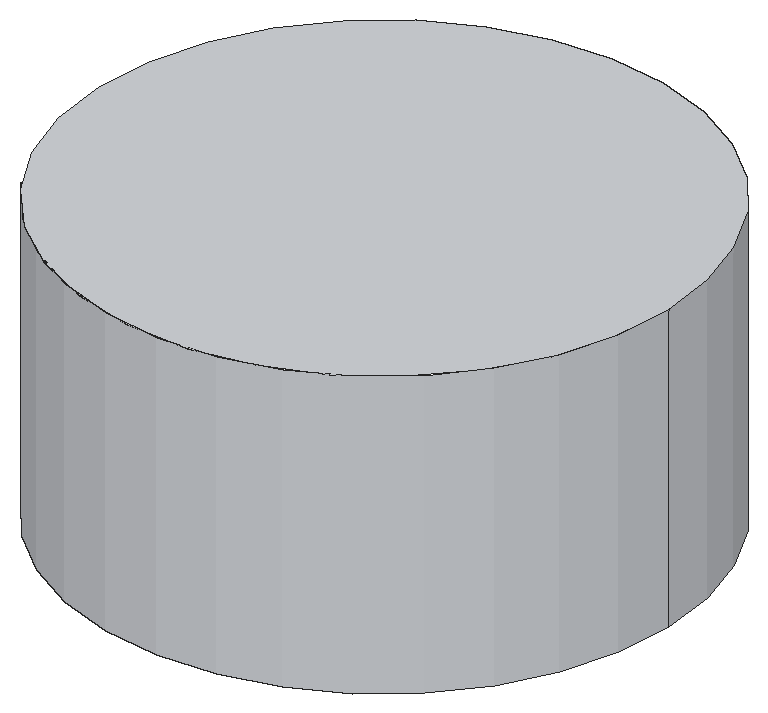
Revit family "ASF-12-C6", category Mechanical Equipment, Revit 2023
Family settings
  Round Connector Dimension = Use Diameter
  Classification = None
  Part Type = Normal
  OmniClass Number = 23.75.00.00
  OmniClass Title = Climate Control (HVAC)
  Work Plane-Based = No
  Always vertical = Yes
  Cut with Voids When Loaded = No
  Maintain Annotation Orientation = No
  Shared = No
  Room Calculation Point = No
Parameters (values of type "Standard")
  Volume = 0.0805385 CF
  Title = "Aura Solar Attic Fan - 12\" Diameter, 6\" Tall Collar"
  Subject = "ASF-12-C6"
  Requested Accuracy = "Low"
  Part Number = "ASF-12-C6"
  Mass = 13.268 lbm
  Designer = "CAD Machine"
  Design State = 1
  Density = 164.741 lb/ft³
  Default Elevation = 0' - 0"
  Creation Date = "11/15/2022"
  Connector_1_Diameter = 0' - 11 3/4"
  Center of Gravity = "X: -0.089 in Y: -2.810 in Z: -0.012 in"
  Author = "CAD Machine"
  Area = 29.1382 SF
Reference planes (in)
  plane 1 "Center (Front/Back)": y = 0
  plane 2: z = 0
  plane 3 "Center (Left/Right)": x = 0
Forms (in)
  Extrusion 1, solid
    sketch origin (0, 0, -14.46769) x (1, 0, 0) y (0, 1, 0)
      loop
        circle (0, 0) r 0.12
    from 0 to -0.12
Dimensions and locks (in)
  aligned and locked: plane 2 to level
Connectors (in)
  hvac at (0, 0, -14.46769), driven by "Connector_1_Diameter"
    settings: on Extrusion 1, index 1, duct flow 0 CFM, flow factor 0, pres drop 0.00 in-wg, loss coef 0, conn angle 0.00°, conn width 12", conn height 12", conn diameter 11 3/4", duct sys type 3, conn prof type 0, flow config 1, flow direction 1, loss method 0, conn ref index -1, conn util no, is conn primary yes, conn desc ""
